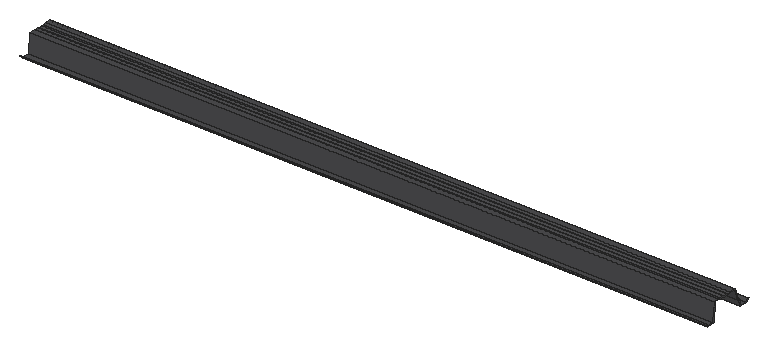
Revit family "BIMLIB_ВентилируемыйПрогон_GRANDLINE", category Обобщенные модели, Revit 2017
Family settings
  Может служить основой для арматурных стержней = Нет
  Размер круглого соединителя = Использовать диаметр
  Тип детали = Нормальный
  При загрузке вырезать с полостями = Нет
  Общий = Нет
  Точка расчета площади = Нет
Parameters (values of type "Вентилируемый прогон")
  Описание = ADSK_Наименование  # "Вентилируемый прогон"
  Кровля_Угол [instance] = 0.00°
  Изготовитель = "Grand Line"  # constant formula
  built-in parameter 1001306 [instance] = 1200 mm
  Watermarked By = ""
  URL = "https://www.grandline.ru"
  BL_Разработано = "support@bimlib.pro"
  BL_Email = "info@grandline.ru"
  BL_BIM library = "https://bimlib.pro/manufacturer/company/22430"
  ADSK_Размер_Длина [instance] = [built-in parameter 1001306]  # 1200 mm
  ADSK_Обозначение = ""
  ADSK_Наименование = "Вентилируемый прогон"
  ADSK_Материал = GL_Сталь_RAL9005
  ADSK_Масса_Текст [instance] = ""
  ADSK_Масса [instance] = 0
  ADSK_Марка = ""
  ADSK_Код изделия = ""
  ADSK_Завод-изготовитель = "Grand Line"  # constant formula
  ADSK_Версия Revit = "2017"  # constant formula
  ADSK_URL страницы изделия = ""
  ADSK_URL документации изделия = ""
Reference planes
  plane 1 "По центру (Вперед/Назад)": y = 0
  plane 2: z = 0
  plane 3 "Слева": x = 0
  plane 4 "Справа": x = 1200
Forms (mm)
  Sweep 1, solid, material "GL_Сталь_RAL9005" <- "ADSK_Материал"
    path in 3D
      loop
        line (0, 0, 0) -> (1200, 0, 0)
    profile "Профиль_ВентилируемыйПрогон : Профиль_ВентилируемыйПрогон" origin (600, 0, 0) x (0, 1, 0) y (0, 0, 1)
      loop
        line (-22.5, 32.633) -> (-25.285, 0.8) -> (-37.466, 0.8) -> (-42.416, 5.75) -> (-42.982, 5.184) -> (-37.798, 0) -> (-24.552, 0) -> (-21.767, 31.833) -> (-12.141, 31.833) -> (-8.058, 30.347) -> (-4.064, 31.801) -> (0, 30.321) -> (4.064, 31.801) -> (8.058, 30.347) -> (12.141, 31.833) -> (21.908, 31.833) -> (27.533, 13.435) -> (31.028, 11.576) -> (33.372, 0.548) -> (46.351, 0.548) -> (51.536, 5.732) -> (50.97, 6.298) -> (46.02, 1.348) -> (34.02, 1.348) -> (31.733, 12.107) -> (28.201, 13.985) -> (22.5, 32.633) -> (12, 32.633) -> (8.058, 31.198) -> (4.064, 32.652) -> (0, 31.173) -> (-4.064, 32.652) -> (-8.058, 31.198) -> (-12, 32.633) -> (-22.5, 32.633)
Lines and regions (mm)
  reference lines
    curve 1: line (0, 0, 0) -> (1200, 0, 0)
  sketch lines
    curve 2: line (0, 0, 0) -> (1200, 0, 0)
Dimensions and locks
  "built-in parameter 1001306": plane 3 "Слева" to plane 4 "Справа"
  aligned and locked: plane 4 "Справа" to curve 1
  aligned and locked: plane 1 "По центру (Вперед/Назад)" to curve 1
  aligned and locked: plane 3 "Слева" to curve 1
  aligned and locked: level to plane 2
